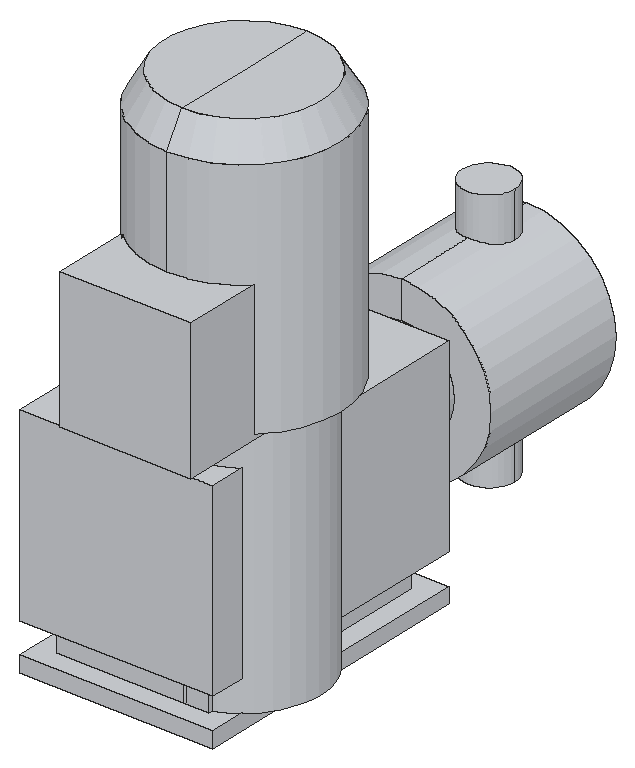
Revit family "e6a6ee45a17244ddbb8af7c7a3acee1a", category Mechanical Equipment, Revit 2021
Family settings
  Round Connector Dimension = Use Radius
  Classification = Pump
  Part Type = Normal
  OmniClass Number = 23.60.30.21
  OmniClass Title = Pumps
  Work Plane-Based = No
  Always vertical = Yes
  Cut with Voids When Loaded = No
  Shared = No
  Room Calculation Point = No
Parameters (values of type "DMH 251")
  Default Elevation = 0"
  Base Width = 4 165/256"
  Voltage [instance] = 115 V
  Symbol Radius = Base Width / 2  # 2.32227"
  Suction Nominal Radius = Discharge Nominal Radius  # 5/8"
  Pump Material = none
  Number of Poles [instance] = 1
  Motor Radius = Motor Diameter / 2  # 2.32227"
  Motor Diameter = Base Width  # 4 165/256"
  Load Classification = Appliance - Dwelling Unit
  Length 1 = Base Width / 2 - 25/128"  # 2.12695"
  Length = 13 149/256"
  Height = 13 29/128"
  Flow [instance] = 0.00 GPH
  Discharge Nominal Radius = 5/8"
  Discharge Nominal Diameter = Discharge Nominal Radius * 2  # 1 1/4"
  Body Z Offset = 3 99/256"
  Body Radius = Connection End to End / 2 - 1"  # 2.15039"
  Connection Y Offset = Discharge Nominal Radius + 1/2"  # 1 1/8"
  Connection End to End = 6 77/256"
  Base Length = 7 11/128"
  Body Height = Height * 2 / 5  # 5.29063"
  Apparent Load [instance] = 0 VA
Reference planes (in)
  plane 1 "Center (Front/Back)": y = 0
  plane 2: z = 0
  plane 3 "Center (Left/Right)": x = 0
  plane 4: x = -2.32227
  plane 5: x = 2.32227
  plane 6: y = -6.79102
  plane 7: y = 6.79102
  plane 8: z = 13.22656
  plane 9: x = -1.82227
  plane 10: x = 1.82227
  plane 11: z = 0.375
  plane 12: z = 5.66562
  plane 13 "body front": y = -5.54102
  plane 14 "body back": y = 1.54492
  plane 15 "connection cl": y = 5.66602
  plane 16 "body z cl": z = 3.38672
  plane 17: z = 6.53711
  plane 18: z = 0.23633
  plane 19: x = -1.07227
  plane 20: z = 1.125
  plane 21: y = 3.04492
  plane 22 "pump x cl": x = 1.22047
  plane 23 "pump y cl": y = -3.21875
  plane 24: z = 9.88184
Forms (in)
  Extrusion 1, solid, material <- "Pump Material"
    sketch origin (0, 0, 0) x (0, 1, 0) y (0, 0, 1)
      loop
        line (1.54492, 0.375) -> (-5.54102, 0.375) -> (-5.54102, 0) -> (1.54492, 0) -> (1.54492, 0.375)
      loop
        line (1.54492, 5.66562) -> (-5.54102, 5.66562) -> (-5.54102, 1.125) -> (1.54492, 1.125) -> (1.54492, 5.66562)
    from -2.32227 to 2.32227
  Extrusion 2, solid, material <- "Pump Material"
    sketch origin (0, 0, 0) x (0, 1, 0) y (0, 0, 1)
      loop
        line (1.04492, 1.125) -> (-5.04102, 1.125) -> (-5.04102, 0.375) -> (1.04492, 0.375) -> (1.04492, 1.125)
    from -1.82227 to 1.82227
  Extrusion 3, solid, material <- "Pump Material"
    sketch origin (0, 0, 0) x (1, 0, 0) y (0, 1, 0)
      loop
        circle (0, 5.66602) r 0.625
    from 0.23633 to 6.53711
  Revolve 4, solid, material <- "Pump Material"
    sketch origin (0, 0, 0) x (0, 1, 0) y (0, 0, 1)
      loop
        line (1.54492, 3.38672) -> (6.79102, 3.38672) -> (6.79102, 5.53711) -> (3.04492, 5.53711) -> (3.04492, 4.63672) -> (1.54492, 4.63672) -> (1.54492, 3.38672)
      axis (6.79102, 3.38672) -> (1.54492, 3.38672)
    angle from 0 to 360
  Revolve 5, solid, material <- "Pump Material"
    sketch origin (1.22047, 0, 0) x (0, 1, 0) y (0, 0, 1)
      loop
        line (-5.54102, 12.47656) -> (-5.54102, 6.66562) -> (-5.04102, 6.66562) -> (-5.04102, 0.375) -> (-3.21875, 0.375) -> (-3.21875, 13.22656) -> (-5.108, 13.22656) -> (-5.54102, 12.47656)
      axis (-3.21875, 13.22656) -> (-3.21875, 0.375)
    angle from 0 to 360
  Extrusion 6, solid, material <- "Pump Material"
    sketch origin (0, 0, 0) x (1, 0, 0) y (0, 1, 0)
      loop
        line (2.80126, -3.21875) -> (-0.36031, -3.21875) -> (-0.36031, -6.79102) -> (2.80126, -6.79102) -> (2.80126, -3.21875)
    from 6.53711 to 9.88184
Cuts and joins
  joined: Extrusion 1, Revolve 5, Extrusion 6
  joined: Extrusion 3, Revolve 4
Lines and regions (in)
  Masking region 1, detail levels fine
    outline origin (0, 0, 0) x (1, 0, 0) y (0, 1, 0)
      loop
        line (-2.15039, 6.79102) -> (-2.15039, 3.04492) -> (-1.25, 3.04492) -> (-1.25, 1.54492) -> (-2.32227, 1.54492) -> (-2.32227, -5.54102) -> (-0.36031, -5.54102) -> (-0.36031, -6.79102) -> (2.80126, -6.79102) -> (2.80126, -4.91994)
        arc (2.80126, -4.91994) -> (3.52398, -2.92416) -> (2.32227, -1.1745) r 2.32227
        line (2.32227, -1.1745) -> (2.32227, 1.54492) -> (1.25, 1.54492) -> (1.25, 3.04492) -> (2.15039, 3.04492) -> (2.15039, 6.79102) -> (-2.15039, 6.79102)
  symbolic lines, detail levels fine
    curve 1: line (-1.25, 3.04492, 0) -> (1.25, 3.04492, 0)
    curve 2: line (-1.25, 1.54492, 0) -> (1.25, 1.54492, 0)
    curve 3: circle (1.22047, -3.21875, 0) r 2.32227 normal (0, 0, 1)
    curve 4: circle (1.22047, -3.21875, 0) r 1.82227 normal (0, 0, 1)
    curve 5: circle (0, 5.66602, 0) r 0.625 normal (0, 0, 1)
    curve 6: line (-0.36031, -5.54102, 9.88184) -> (-0.36031, -4.91994, 9.88184)
Dimensions and locks (in)
  equal spacing: plane 4, plane 3 "Center (Left/Right)", plane 5
  "Base Width": plane 4 to plane 5
  equal spacing: plane 7, plane 1 "Center (Front/Back)", plane 6
  "Length": plane 7 to plane 6
  "Height": plane 8 to level
  locked: plane 4 to plane 9 at 0.5
  locked: plane 10 to plane 5 at 0.5
  locked: plane 11 to level at 0.375
  "Body Height": plane 12 to plane 11
  "Base Length": plane 14 "body back" to plane 13 "body front"
  "Connection Y Offset": plane 7 to plane 15 "connection cl"
  locked: plane 19 to plane 9 at 0.75
  equal spacing: plane 17, plane 16 "body z cl", plane 18
  "Connection End to End": plane 17 to plane 18
  locked: plane 20 to plane 11 at 0.75
  locked: plane 14 "body back" to Extrusion 2 sketch curve at 0.5
  locked: Extrusion 2 sketch curve to plane 13 "body front" at 0.5
  "Body Z Offset": plane 16 "body z cl" to level
  locked: plane 21 to plane 14 "body back" at 1.5
  "Body Radius": Revolve 4 sketch curve to Revolve 4 sketch curve
  "Discharge Nominal Diameter": Revolve 4 sketch curve to Revolve 4 sketch curve
  locked: plane 3 "Center (Left/Right)" to plane 22 "pump x cl" at 1.22047
  "Motor Radius": plane 23 "pump y cl" to plane 13 "body front"
  locked: Revolve 5 sketch curve to Revolve 5 sketch curve at 0.5
  "Motor Radius": Revolve 5 sketch curve to Revolve 5 sketch curve
  plane 8 to Revolve 5 sketch curve = 3/4"
  locked: Revolve 5 sketch curve to plane 12 at 1
  equal spacing: plane 8, plane 24, plane 17
  "Discharge Nominal Diameter": plane 3 "Center (Left/Right)" to Masking region 1 sketch curve
  "Discharge Nominal Diameter": Masking region 1 sketch curve to plane 3 "Center (Left/Right)"
  "Body Radius": Masking region 1 sketch curve to plane 3 "Center (Left/Right)"
  "Body Radius": plane 3 "Center (Left/Right)" to Masking region 1 sketch curve
  locked: plane 13 "body front" to plane 6 at 1.25
  "Discharge Nominal Radius": radius of Extrusion 3 sketch curve
  "Motor Radius": radius of Masking region 1 sketch curve
  aligned and locked: level to Extrusion 1 sketch curve
  aligned and locked: Extrusion 1 sketch curve to plane 11
  aligned and locked: Extrusion 1 to plane 4
  aligned and locked: plane 5 to Extrusion 1
  aligned and locked: plane 1 "Center (Front/Back)" to nested 1
  aligned and locked: plane 3 "Center (Left/Right)" to nested 1
  aligned and locked: plane 11 to Extrusion 2 sketch curve
  aligned and locked: Extrusion 2 to plane 9
  aligned and locked: plane 10 to Extrusion 2
  aligned and locked: plane 3 "Center (Left/Right)" to Extrusion 3 sketch curve
  aligned and locked: plane 15 "connection cl" to Extrusion 3 sketch curve
  aligned and locked: Extrusion 1 sketch curve to plane 13 "body front"  (x2)
  aligned and locked: plane 14 "body back" to Extrusion 1 sketch curve  (x2)
  aligned and locked: Extrusion 1 sketch curve to plane 12
  aligned and locked: plane 20 to Extrusion 1 sketch curve
  aligned and locked: Extrusion 2 sketch curve to plane 20
  aligned and locked: Revolve 4 sketch curve to plane 7
  aligned and locked: Revolve 4 sketch curve to Revolve 4 sketch curve
  aligned and locked: Revolve 4 sketch curve to plane 14 "body back"
  aligned and locked: Revolve 4 sketch curve to plane 21
  aligned and locked: plane 23 "pump y cl" to Revolve 5 sketch curve
  aligned and locked: Revolve 5 sketch curve to plane 11
  aligned and locked: Extrusion 6 to plane 17
  aligned and locked: plane 17 to cut or joined group of Extrusion 3, Revolve 4
  aligned and locked: cut or joined group of Extrusion 3, Revolve 4 to plane 18
  aligned and locked: Masking region 1 sketch curve to plane 7
  aligned and locked: Masking region 1 sketch curve to plane 21
  aligned and locked: plane 14 "body back" to Masking region 1 sketch curve
  aligned and locked: Masking region 1 sketch curve to plane 14 "body back"
  aligned and locked: plane 21 to Masking region 1 sketch curve
  aligned and locked: Masking region 1 sketch curve to plane 4
  aligned and locked: Masking region 1 sketch curve to plane 5
  aligned and locked: plane 13 "body front" to Masking region 1 sketch curve
  aligned and locked: plane 22 "pump x cl" to Masking region 1 sketch curve
  aligned and locked: curve 1 to Masking region 1
  aligned and locked: Masking region 1 to curve 1  (x2)
  aligned and locked: Masking region 1 to curve 2
  aligned and locked: curve 2 to Masking region 1  (x2)
  aligned and locked: curve 3 to Masking region 1
  aligned and locked: curve 4 to cut or joined group of Extrusion 1, Revolve 5, Extrusion 6
  aligned and locked: curve 5 to cut or joined group of Extrusion 3, Revolve 4
  aligned and locked: plane 24 to Extrusion 6
  aligned and locked: Revolve 5 sketch curve to Revolve 5 sketch curve
  aligned and locked: cut or joined group of Extrusion 1, Revolve 5, Extrusion 6 to Masking region 1 sketch curve
  aligned and locked: Masking region 1 sketch curve to cut or joined group of Extrusion 1, Revolve 5, Extrusion 6  (x2)
Automatic sketch dimensions
  plane 6 to Revolve 4 sketch curve = 1 15/16"
  Revolve 4 sketch curve to Revolve 4 sketch curve = 8 3/64"
  plane 16 "body z cl" to Revolve 4 sketch curve = 0"
  Revolve 5 sketch curve to plane 8 = 0"
  plane 6 to Revolve 5 sketch curve = 1.68301"
  Revolve 5 sketch curve to plane 18 = 10.57598"
  Revolve 5 sketch curve to Revolve 5 sketch curve = 8.08153"
  Masking region 1 sketch curve to plane 23 "pump y cl" = 0"
  Extrusion 6 sketch curve to plane 23 "pump y cl" = 0"
  Extrusion 6 sketch curve to plane 3 "Center (Left/Right)" = 0.36031"
  plane 13 "body front" to curve 6 = 0"
  curve 6 to plane 3 "Center (Left/Right)" = 0.36031"
  curve 6 to plane 13 "body front" = 159/256"
  Extrusion 6 sketch curve to plane 6 = 0"
  plane 5 to Extrusion 6 sketch curve = 0.47899"
Nested families (in)
  nested 1: "Pump Symbol" at (0, 0, 11.75), Symbol Radius <- "Symbol Radius", type "Pump Symbol", detail levels coarse+medium
    with Symbol Radius 2.32227", Symbol Length 2 2.01114", Symbol Length 1 1.16113"
Connectors (in)
  piping at (0, 5.66602, 0.23633), diameter 1.25, driven by "Suction Nominal Radius"
    settings: on cut or joined group of Extrusion 3, Revolve 4, index 1, connector inside diameter 24", connector length 0", flow factor 0, pipe flow 0.00 GPH, pressure drop 0.00 psi, fitting loss kfactor 0, connector angle 0.00°, fixture units 0, engagement length 0", angle of deflection 0.00°, flow configuration 0, flow direction 1, fitting loss method 0, system type 29, joint type 0, gender type 0, connector reference index 2, connector utility 0, adjustable connector no, is connector primary yes, connector description "In"
  piping at (0, 5.66602, 6.53711), diameter 1.25, driven by "Flow", driven by "Discharge Nominal Radius"
    settings: on cut or joined group of Extrusion 3, Revolve 4, index 2, connector inside diameter 24", connector length 0", flow factor 0, pipe flow 0.00 GPH, pressure drop 0.00 psi, fitting loss kfactor 0, connector angle 0.00°, fixture units 0, engagement length 0", angle of deflection 0.00°, flow configuration 0, flow direction 2, fitting loss method 0, system type 29, joint type 0, gender type 0, connector reference index 1, connector utility 0, adjustable connector no, is connector primary no, connector description "Out"
  electrical at (2.80126, -5.27874, 7.69486), driven by "Number of Poles", driven by "Load Classification", driven by "Voltage", driven by "Apparent Load"
    settings: on cut or joined group of Extrusion 1, Revolve 5, Extrusion 6, index 3, voltage 115 V, apparent load 0 VA, apparent load phase1 0 VA, apparent load phase2 0 VA, apparent load phase3 0 VA, power factor 0.8, load classification "Appliance - Dwelling Unit", number of poles 1, system type 30, power factor state 1, is connector primary yes, connector utility no, sub classification motor no, connector description "Power"
Definition of nested family "Pump Symbol"
  Parameters (values of type "Pump Symbol")
    Symbol Radius [instance] = 24"
    Symbol Length 2 [instance] = cos(30.00°) * Symbol Radius  # 20.78461"
    Symbol Length 1 [instance] = sin(30.00°) * Symbol Radius  # 12"
  Reference planes (in)
    plane 1 "Center (Front/Back)": y = 0
    plane 2: z = 0
    plane 3 "Center (Left/Right)": x = 0
    plane 4: y = 12
    plane 5: y = -24
    plane 6: x = -20.78461
    plane 7: x = 20.78461
  Lines and regions (in)
    Filled region 1, type "Concrete Block", in view "Ref. Level"
      outline origin (0, 0, 0) x (1, 0, 0) y (0, 1, 0)
        loop
          line (-20.78461, 12) -> (0, -24) -> (20.78461, 12) -> (-20.78461, 12)
    detail lines, in view "Ref. Level"
      curve 1: circle (0, 0, 0) r 24 normal (0, 0, 1)
  Dimensions and locks (in)
    "Symbol Radius": plane 1 "Center (Front/Back)" to plane 5
    "Symbol Length 1": plane 4 to plane 1 "Center (Front/Back)"
    "Symbol Length 2": plane 6 to plane 3 "Center (Left/Right)"
    "Symbol Length 2": plane 3 "Center (Left/Right)" to plane 7
    "Symbol Radius": radius of curve 1
    aligned and locked: plane 3 "Center (Left/Right)" to curve 1
    aligned and locked: plane 1 "Center (Front/Back)" to curve 1
  Automatic sketch dimensions
    Filled region 1 sketch curve to plane 4 = 0"
    Filled region 1 sketch curve to plane 6 = 0"
    Filled region 1 sketch curve to plane 3 "Center (Left/Right)" = 0"
    Filled region 1 sketch curve to plane 7 = 0"
    Filled region 1 sketch curve to plane 5 = 0"
